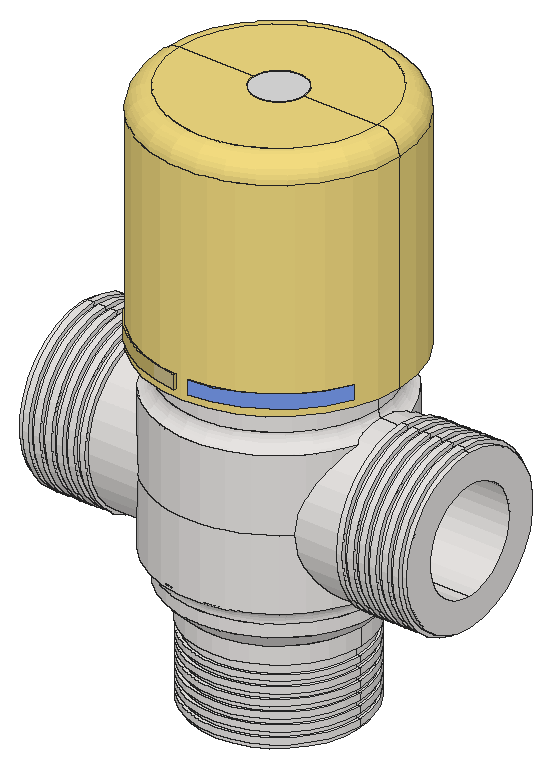
Revit family "1", category Pipe Accessories, Revit 2018
Family settings
  Round Connector Dimension = Use Diameter
  Part Type = Normal
  OmniClass Number = 23.65.00.00
  OmniClass Title = Supply and Distribution of Liquids and Gases
  Work Plane-Based = No
  Always vertical = No
  Cut with Voids When Loaded = No
  Shared = No
Parameters (values of type "3/4" - Male thermostatic mixing valve for solar applications")
  Youtube clip = ""
  Weight Net (Kg) = "0"  # constant formula
  Uniformat II Description = "HVAC"  # constant formula
  Uniformat II Code = "D30"  # constant formula
  Uniclass 2015 Name = "Water filters and strainres"  # constant formula
  Uniclass 2015 Code = "Pr_65_57_96"  # constant formula
  Uniclass 2.0 Description = "Thermostatic Mixing Valves"  # constant formula
  Uniclass 2.0 Code = "PR-94-94-xx"  # constant formula
  Uniclass 1.4 Description = "Mixing valves"  # constant formula
  Uniclass 1.4 Code = "L71177"  # constant formula
  URL = "www.pintossi.it"
  UNSPSC Code = "401416"  # constant formula
  Technical description = ""
  Region South America = "All"  # constant formula
  Region Oceania = "All"  # constant formula
  Region North America = "All"  # constant formula
  Region Middle East = "All"  # constant formula
  Region Europe = "All"  # constant formula
  Region Asia = "All"  # constant formula
  Region Antarctica = "All"  # constant formula
  Region Africa = "All"  # constant formula
  Radius [instance] = [Main Inlet/Outlet Diameter] / 2  # 9.55 mm
  QR code = ""
  Product url = ""
  Product group = "THERMOSTATIC MIXING VALVES"  # constant formula
  Product family = "COMPONENTS FOR CENTRAL HEATING SYSTEMS"  # constant formula
  Product data url = "https://www.bimobject.com/pintossi/product/1561-solar-thermostatic-mixing-valve"
  Product certification = ""
  Product SKU = "1561-SOLAR-THERMOSTATIC-MIXING-VALVE"
  Product Guid = "9c0c1833-9f53-46b7-a094-18835833f6c7"  # constant formula
  PH: = "Between 7 and 8Between 7 and 8"  # constant formula
  OmniClass Description = "Mixing Valves"  # constant formula
  OmniClass Code = "23-27 31 29"  # constant formula
  NBS Reference Description = "Thermostatic Mixinh Valves"  # constant formula
  NBS Reference Code = "94-94-xx"  # constant formula
  Model = "3/4\" - Male thermostatic mixing valve for solar applications"
  Mixed water range = "27 °C - 55 °C"  # constant formula
  Min cold inlet water temp = 4 °C  # constant formula
  Maximum working temperature = 100 °C  # constant formula
  Maximum working pressure = 10.0 bar  # constant formula
  Maximum percentage of glycol [%] = 30  # constant formula
  Max hot inlet water temp = 100 °C  # constant formula
  Material secondary = ""
  Material main = "Brass"  # constant formula
  Material Red = Pintossi - Plastic - Red ABS
  Material Cap = Pintossi - Plastic - Yellow ABS
  Material Body = Pintossi - Metal - Brass
  Material Blue = Pintossi - Plastic - Blue ABS
  Masterformat 2014 Description = "Heating, Ventilating, and Air Conditioning (HVAC)"  # constant formula
  Masterformat 2014 Code = "23 00 00"  # constant formula
  Manufacturer name = "Pintossi+C"  # constant formula
  Manufacturer country = "Italy"  # constant formula
  Manufacturer = "Pintossi+C"  # constant formula
  Main Inlet/Outlet Diameter = 19.1 mm
  Iron (FE): = "< 0,5 mg/kg (< 0,1 mg/kg for steam)"  # constant formula
  Installation instructions = ""
  IFC Classification = "Valve"  # constant formula
  Fluid aspect: = "Limpid"  # constant formula
  Edition number = 0
  EAN code = ""
  Design country = "Italy"  # constant formula
  Description = "Pintossi+C Solar thermostatic mixing valve is designed for use in domestic water as well as heating systems.\r\n\r\nThe main function is to maintain constant, to a set value, the mixed water temperature, regardless of any variation of temperature and pressure of hot and cold water supply.\r\n\r\nAn anti-burn function is provided by the valve, stopping the hot mixed water delivery in case of unexpeted interruption of the inlet cold water supply, avoiding potentials burns. Thanks to this and anti-burining function the valve is particular indicated in public buildings like schools and hospitals for the presence of individuals at risk.\r\n\r\nThanks to high water temperatures allowed, the valve is suitable to be used in solar systems or in standard systems where the hot inlet water can reach high termperatures."  # constant formula
  Date of publishing = ""
  Copper (CU): = "< 0,1 mg/kg (< 0,05 mg/kg for steam)"  # constant formula
  Conditioning: = "as indicated by the producer"  # constant formula
  COBIe Type Category = ""
  Brand url = "www.pintossi.it"
  BIMobject category = "Plumbing Valves"  # constant formula
  Application fluids = "Water or glycol solutions"  # constant formula
  Antifreeze: = "Passiveted Propylene Glycol"  # constant formula
Reference planes
  plane 1 "Center (Front/Back)": y = 0
  plane 2: z = 0
  plane 3 "Center (Left/Right)": x = 0
Forms (mm)
  Extrusion 1, solid, material "Pintossi - Metal - Brass" <- "Material Body", detail levels fine
    sketch origin (0, 0, 0) x (1, 0, 0) y (0, 1, 0)
      loop
        circle (0, 0) r 9.55
      loop
        circle (0, 0) r 15
    from 0 to 14.719
  Revolve 2, solid, material "Pintossi - Metal - Brass" <- "Material Body", detail levels fine
    sketch origin (0, 0, 0) x (1, 0, 0) y (0, 0, 1)
      loop
        line (0, 14.719) -> (0, 100.374) -> (-4.026, 100.374) -> (-4.026, 90.374) -> (-3.379, 89.727) -> (-3.379, 86.681) -> (-4.626, 86.681)
        arc (-4.626, 86.681) -> (-5.557, 86.295) -> (-5.943, 85.364) r 1.317
        line (-5.943, 85.364) -> (-5.943, 83.834)
        arc (-5.943, 83.834) -> (-7.956, 83.453) -> (-9.55, 82.165) r 4.199
        line (-9.55, 82.165) -> (-9.55, 76.027) -> (-11.469, 74.108) -> (-11.469, 65.371) -> (-19.067, 65.371) -> (-19.067, 56.415)
        arc (-19.067, 56.415) -> (-19.662, 54.624) -> (-21.211, 53.546) r 2.991
        line (-21.211, 53.546) -> (-21.211, 40) -> (-21.211, 26.454)
        arc (-21.211, 26.454) -> (-19.662, 25.376) -> (-19.067, 23.585) r 2.991
        line (-19.067, 23.585) -> (-19.067, 21.281) -> (-15.794, 18.007) -> (-15.794, 14.719) -> (0, 14.719)
      axis (0, 100.374) -> (0, 14.719)
    angle from 0 to 360
  Extrusion 3, solid, material "Pintossi - Metal - Brass" <- "Material Body", detail levels fine
    sketch origin (35.194, 0, 40) x (0, 0, 1) y (0, 1, 0)
      loop
        circle (0, 0) r 9.55
      loop
        circle (0, 0) r 15
    from -1.306 to 30.564
  Extrusion 4, solid, material "Pintossi - Metal - Brass" <- "Material Body", detail levels fine
    sketch origin (-35.194, 0, 40) x (0, 0, 1) y (0, -1, 0)
      loop
        circle (0, 0) r 9.55
      loop
        circle (0, 0) r 15
    from -2.309 to 30.564
  Revolve 5, solid, material "Pintossi - Metal - Brass" <- "Material Body", detail levels fine
    sketch origin (3.682, 0, 0) x (1, 0, 0) y (0, 0, 1)
      loop
        line (-41.185, 54.003) -> (-27.232, 54.003) -> (-27.232, 54.79) -> (-28.212, 54.79) -> (-28.212, 55.624) -> (-29.303, 55.624) -> (-29.303, 54.79) -> (-30.283, 54.79) -> (-30.283, 55.624) -> (-31.479, 55.624) -> (-31.479, 54.79) -> (-32.458, 54.79) -> (-32.458, 55.624) -> (-33.655, 55.624) -> (-33.655, 54.79) -> (-34.634, 54.79) -> (-34.634, 55.624) -> (-35.83, 55.624) -> (-35.83, 54.79) -> (-36.81, 54.79) -> (-36.81, 55.624) -> (-38.006, 55.624) -> (-38.006, 54.79) -> (-38.986, 54.79) -> (-38.986, 55.624) -> (-40.182, 55.624) -> (-40.182, 54.79) -> (-41.185, 54.79) -> (-41.185, 54.003)
      axis (-41.185, 40) -> (-27.232, 40)
    angle from 0 to 360
  Revolve 6, solid, material "Pintossi - Metal - Brass" <- "Material Body", detail levels fine
    sketch origin (-4.685, 0, 0) x (-1, 0, 0) y (0, 0, 1)
      loop
        line (-41.185, 54.003) -> (-27.232, 54.003) -> (-27.232, 54.79) -> (-28.212, 54.79) -> (-28.212, 55.624) -> (-29.303, 55.624) -> (-29.303, 54.79) -> (-30.283, 54.79) -> (-30.283, 55.624) -> (-31.479, 55.624) -> (-31.479, 54.79) -> (-32.458, 54.79) -> (-32.458, 55.624) -> (-33.655, 55.624) -> (-33.655, 54.79) -> (-34.634, 54.79) -> (-34.634, 55.624) -> (-35.83, 55.624) -> (-35.83, 54.79) -> (-36.81, 54.79) -> (-36.81, 55.624) -> (-38.006, 55.624) -> (-38.006, 54.79) -> (-38.986, 54.79) -> (-38.986, 55.624) -> (-40.182, 55.624) -> (-40.182, 54.79) -> (-41.185, 54.79) -> (-41.185, 54.003)
      axis (-41.185, 40) -> (-27.232, 40)
    angle from 0 to 360
  Revolve 7, solid, material "Pintossi - Metal - Brass" <- "Material Body", detail levels fine
    sketch origin (-40, 0, 41.185) x (0, 0, 1) y (-1, 0, 0)
      loop
        line (-41.185, -54.003) -> (-41.185, -54.79) -> (-40.182, -54.79) -> (-40.182, -55.624) -> (-38.986, -55.624) -> (-38.986, -54.79) -> (-38.006, -54.79) -> (-38.006, -55.624) -> (-36.81, -55.624) -> (-36.81, -54.79) -> (-35.83, -54.79) -> (-35.83, -55.624) -> (-34.634, -55.624) -> (-34.634, -54.79) -> (-33.655, -54.79) -> (-33.655, -55.624) -> (-32.458, -55.624) -> (-32.458, -54.79) -> (-31.479, -54.79) -> (-31.479, -55.624) -> (-30.283, -55.624) -> (-30.283, -54.79) -> (-29.303, -54.79) -> (-29.303, -55.624) -> (-28.212, -55.624) -> (-28.212, -54.79) -> (-27.232, -54.79) -> (-27.232, -54.003) -> (-41.185, -54.003)
      axis (-41.185, -40) -> (-27.232, -40)
    angle from 0 to 360
  Revolve 8, solid, material "Pintossi - Plastic - Yellow ABS" <- "Material Cap", detail levels fine
    sketch origin (0, 0, 0) x (1, 0, 0) y (0, 0, 1)
      loop
        line (-23.095, 61.404) -> (-19.449, 61.404) -> (-19.449, 98.918)
        arc (-19.449, 98.918) -> (-18.319, 101.644) -> (-15.593, 102.774) r 3.856
        line (-15.593, 102.774) -> (-10.258, 102.774) -> (-10.258, 87.774) -> (-4.026, 87.774) -> (-4.026, 100.374) -> (-1.986, 100.374) -> (-1.986, 103.083) -> (-4.796, 103.083) -> (-4.796, 105.043) -> (-19.016, 105.043)
        arc (-19.016, 105.043) -> (-21.901, 103.848) -> (-23.095, 100.964) r 4.079
        line (-23.095, 100.964) -> (-23.095, 61.404)
      axis (0, 105.043) -> (0, 61.404)
    angle from 0 to 360
  Extrusion 9, solid, material "Pintossi - Metal -Stainless Steel", detail levels fine
    sketch origin (0, 0, 0) x (1, 0, 0) y (0, 1, 0)
      loop
        circle (0, 0) r 4.796
    from 102.774 to 105.043
  Extrusion 10, solid, material "Pintossi - Plastic - Red ABS" <- "Material Red", detail levels fine
    sketch origin (0, -0.156, 0) x (1, 0, 0) y (0, 1, 0)
      loop
        arc (-1.22, -21.344) -> (-12.721, -17.557) -> (-20.726, -8.471) r 23.095
        line (-20.726, -8.471) -> (-21.555, -8.815)
        arc (-21.555, -8.815) -> (-13.509, -18.912) -> (-1.324, -23.182) r 23.326
        line (-1.324, -23.182) -> (-1.22, -21.344)
    from 62.824 to 65.371
  Extrusion 11, solid, material "Pintossi - Plastic - Blue ABS" <- "Material Blue", detail levels fine
    sketch origin (0, -0.156, 0) x (-1, 0, 0) y (0, -1, 0)
      loop
        line (-1.22, 21.344) -> (-1.324, 23.182)
        arc (-1.324, 23.182) -> (-13.509, 18.912) -> (-21.555, 8.815) r 23.326
        line (-21.555, 8.815) -> (-20.726, 8.471)
        arc (-20.726, 8.471) -> (-12.721, 17.557) -> (-1.22, 21.344) r 23.095
    from 62.824 to 65.371
Cuts and joins
  joined: Revolve 2, Extrusion 3, Extrusion 4, Revolve 5, Revolve 6, Revolve 7
Lines and regions (mm)
  model lines, detail levels coarse+medium
    curve 1: line (-37.5, 0, 40) -> (36.562, 0, 40)
    curve 2: line (0, 0, 40) -> (-17.809, 0, 0)
    curve 3: line (-17.809, 0, 0) -> (0, 0, 0)
    curve 4: line (0, 0, 40) -> (17.809, 0, 0)
    curve 5: line (17.809, 0, 0) -> (0, 0, 0)
    curve 6: line (0, 0, 40) -> (-37.5, 0, 23.304)
    curve 7: line (-37.5, 0, 23.304) -> (-37.5, 0, 40)
    curve 8: line (0, 0, 40) -> (-37.5, 0, 56.696)
    curve 9: line (-37.5, 0, 56.696) -> (-37.5, 0, 40)
    curve 10: line (0, 0, 40) -> (36.562, 0, 23.721)
    curve 11: line (36.562, 0, 23.721) -> (36.562, 0, 40)
    curve 12: line (0, 0, 40) -> (36.562, 0, 56.279)
    curve 13: line (36.562, 0, 56.279) -> (36.562, 0, 40)
    curve 14: line (0, 0, 40) -> (0, 0, 60)
    curve 15: line (0, 0, 60) -> (-18.435, 0, 60)
    curve 16: line (-18.435, 0, 60) -> (-18.435, 0, 105)
    curve 17: line (-18.435, 0, 105) -> (-0.269, 0, 105)
    curve 18: line (0, 0, 60) -> (18.435, 0, 60)
    curve 19: line (18.435, 0, 60) -> (18.435, 0, 105)
    curve 20: line (18.435, 0, 105) -> (-0.269, 0, 105)
  symbolic lines
    curve 21: line (0, 0.603, 0) -> (-14.504, -31.974, 0)
    curve 22: line (-14.504, -31.974, 0) -> (0, -31.974, 0)
    curve 23: line (0, 0.603, 0) -> (14.504, -31.974, 0)
    curve 24: line (14.504, -31.974, 0) -> (0, -31.974, 0)
    curve 25: line (0, 0, 0) -> (-32.578, 14.504, 0)
    curve 26: line (-32.578, 14.504, 0) -> (-32.578, 0, 0)
    curve 27: line (0, 0, 0) -> (-32.578, -14.504, 0)
    curve 28: line (-32.578, -14.504, 0) -> (-32.578, 0, 0)
    curve 29: line (0, 0, 0) -> (32.578, 14.504, 0)
    curve 30: line (32.578, 14.504, 0) -> (32.578, 0, 0)
    curve 31: line (0, 0, 0) -> (32.578, -14.504, 0)
    curve 32: line (32.578, -14.504, 0) -> (32.578, 0, 0)
    curve 33: line (-32.578, 0, 0) -> (-41.185, 0, 0)
    curve 34: line (32.578, 0, 0) -> (41.185, 0, 0)
    curve 35: line (0, 0.603, 0) -> (0, 14.003, 0)
    curve 36: line (0, 14.003, 0) -> (-17.123, 14.003, 0)
    curve 37: line (-17.123, 14.003, 0) -> (-17.123, 32.534, 0)
    curve 38: line (-17.123, 32.534, 0) -> (0, 32.534, 0)
    curve 39: line (0, 14.003, 0) -> (17.123, 14.003, 0)
    curve 40: line (17.123, 14.003, 0) -> (17.123, 32.534, 0)
    curve 41: line (17.123, 32.534, 0) -> (0, 32.534, 0)
Dimensions and locks
  "Radius": radius of Extrusion 1 sketch curve
  "Radius": radius of Extrusion 3 sketch curve
  "Radius": radius of Extrusion 4 sketch curve
  aligned and locked: level to plane 2
Automatic sketch dimensions
  Revolve 2 sketch curve to plane 3 "Center (Left/Right)" = 0 mm  (x2)
  Revolve 2 sketch curve to plane 3 "Center (Left/Right)" = 3.379 mm
  Revolve 2 sketch curve to Revolve 2 sketch curve = 0.647 mm  (x2)
  Revolve 2 sketch curve to Revolve 2 sketch curve = 1.246 mm
  Revolve 2 sketch curve to Revolve 2 sketch curve = 1.317 mm
  Revolve 2 sketch curve to Revolve 2 sketch curve = 0.251 mm
  Revolve 2 sketch curve to Revolve 2 sketch curve = 3.607 mm
  Revolve 2 sketch curve to Revolve 2 sketch curve = 1.919 mm  (x2)
  Revolve 2 sketch curve to plane 3 "Center (Left/Right)" = 15.794 mm
  Revolve 2 sketch curve to Revolve 2 sketch curve = 3.273 mm  (x2)
  Revolve 2 sketch curve to Revolve 2 sketch curve = 7.598 mm
  Revolve 2 sketch curve to Revolve 2 sketch curve = 2.144 mm
  Revolve 2 sketch curve to Revolve 2 sketch curve = 2.991 mm
  Revolve 2 sketch curve to Revolve 2 sketch curve = 0.847 mm
  level to Revolve 2 sketch curve = 14.719 mm
  Revolve 2 sketch curve to Revolve 2 sketch curve = 3.289 mm
  Revolve 2 sketch curve to Revolve 2 sketch curve = 2.305 mm
  Revolve 2 sketch curve to Revolve 2 sketch curve = 13.546 mm  (x2)
  Revolve 2 sketch curve to Revolve 2 sketch curve = 8.956 mm
  Revolve 2 sketch curve to Revolve 2 sketch curve = 8.738 mm
  Revolve 2 sketch curve to Revolve 2 sketch curve = 3.614 mm
  Revolve 2 sketch curve to Revolve 2 sketch curve = 2.524 mm
  Revolve 2 sketch curve to Revolve 2 sketch curve = 1.53 mm
  Revolve 2 sketch curve to Revolve 2 sketch curve = 3.046 mm
  Revolve 2 sketch curve to Revolve 2 sketch curve = 10 mm
  Revolve 2 sketch curve to level = 44.626 mm
  Revolve 2 sketch curve to Revolve 2 sketch curve = 20 mm
  Revolve 5 sketch curve to plane 3 "Center (Left/Right)" = 37.503 mm
  Revolve 5 sketch curve to Revolve 5 sketch curve = 1.003 mm
  Revolve 5 sketch curve to Revolve 5 sketch curve = 1.196 mm  (x5)
  Revolve 5 sketch curve to Revolve 5 sketch curve = 0.98 mm  (x6)
  Revolve 5 sketch curve to Revolve 5 sketch curve = 1.091 mm
  level to Revolve 5 sketch curve = 54.003 mm
  Revolve 5 sketch curve to Revolve 5 sketch curve = 0.787 mm  (x2)
  Revolve 5 sketch curve to Revolve 5 sketch curve = 0 mm  (x6)
  Revolve 5 sketch curve to Revolve 5 sketch curve = 0.835 mm  (x6)
  Revolve 5 sketch curve to plane 3 "Center (Left/Right)" = 4.123 mm
  Revolve 5 sketch curve to Revolve 5 sketch curve = 14.003 mm
  Revolve 6 sketch curve to plane 3 "Center (Left/Right)" = 36.5 mm
  Revolve 6 sketch curve to Revolve 6 sketch curve = 1.003 mm
  Revolve 6 sketch curve to Revolve 6 sketch curve = 1.196 mm  (x5)
  Revolve 6 sketch curve to Revolve 6 sketch curve = 0.98 mm  (x6)
  Revolve 6 sketch curve to Revolve 6 sketch curve = 1.091 mm
  Revolve 6 sketch curve to level = 54.003 mm
  Revolve 6 sketch curve to Revolve 6 sketch curve = 0.787 mm  (x2)
  Revolve 6 sketch curve to Revolve 6 sketch curve = 0 mm  (x6)
  Revolve 6 sketch curve to Revolve 6 sketch curve = 0.835 mm  (x6)
  Revolve 6 sketch curve to plane 3 "Center (Left/Right)" = 3.12 mm
  Revolve 6 sketch curve to Revolve 6 sketch curve = 14.003 mm
  Revolve 7 sketch curve to level = 0 mm  (x2)
  Revolve 7 sketch curve to plane 3 "Center (Left/Right)" = 0 mm
  Revolve 7 sketch curve to Revolve 7 sketch curve = 1.003 mm
  Revolve 7 sketch curve to Revolve 7 sketch curve = 1.196 mm  (x5)
  Revolve 7 sketch curve to Revolve 7 sketch curve = 0.98 mm  (x6)
  Revolve 7 sketch curve to Revolve 7 sketch curve = 1.091 mm
  plane 3 "Center (Left/Right)" to Revolve 7 sketch curve = 14.003 mm
  Revolve 7 sketch curve to Revolve 7 sketch curve = 0.787 mm  (x3)
  Revolve 7 sketch curve to Revolve 7 sketch curve = 0 mm  (x4)
  Revolve 7 sketch curve to Revolve 7 sketch curve = 0.835 mm  (x6)
  Revolve 7 sketch curve to Revolve 7 sketch curve = 19.427 mm
  Revolve 8 sketch curve to plane 3 "Center (Left/Right)" = 0 mm
  Revolve 8 sketch curve to plane 3 "Center (Left/Right)" = 1.986 mm
  Revolve 8 sketch curve to plane 3 "Center (Left/Right)" = 4.026 mm
  Revolve 8 sketch curve to Revolve 8 sketch curve = 2.81 mm
  Revolve 8 sketch curve to Revolve 8 sketch curve = 6.232 mm
  Revolve 8 sketch curve to Revolve 8 sketch curve = 5.335 mm
  Revolve 8 sketch curve to Revolve 8 sketch curve = 3.423 mm
  Revolve 8 sketch curve to plane 3 "Center (Left/Right)" = 19.449 mm
  Revolve 8 sketch curve to Revolve 8 sketch curve = 3.647 mm
  level to Revolve 8 sketch curve = 61.404 mm
  Revolve 8 sketch curve to Revolve 8 sketch curve = 26.37 mm
  Revolve 8 sketch curve to Revolve 8 sketch curve = 11.144 mm
  Revolve 8 sketch curve to Revolve 8 sketch curve = 2.4 mm
  Revolve 8 sketch curve to Revolve 8 sketch curve = 2.046 mm
  Revolve 8 sketch curve to Revolve 8 sketch curve = 1.961 mm
  Revolve 8 sketch curve to Revolve 8 sketch curve = 0.762 mm
  Revolve 8 sketch curve to Revolve 8 sketch curve = 4.302 mm
  Extrusion 9 sketch curve to Extrusion 9 sketch curve = 0 mm  (x2)
  plane 1 "Center (Front/Back)" to Extrusion 9 sketch curve = 0 mm
  Extrusion 9 sketch curve to plane 3 "Center (Left/Right)" = 0 mm
  Extrusion 9 sketch curve to plane 3 "Center (Left/Right)" = 4.796 mm
  Extrusion 10 sketch curve to plane 3 "Center (Left/Right)" = 0 mm
  Extrusion 10 sketch curve to plane 3 "Center (Left/Right)" = 0.002 mm
  Extrusion 10 sketch curve to plane 3 "Center (Left/Right)" = 1.22 mm
  Extrusion 10 sketch curve to plane 3 "Center (Left/Right)" = 1.324 mm
  plane 1 "Center (Front/Back)" to Extrusion 10 sketch curve = 8.627 mm
  Extrusion 10 sketch curve to plane 3 "Center (Left/Right)" = 20.726 mm
  plane 1 "Center (Front/Back)" to Extrusion 10 sketch curve = 8.971 mm
  Extrusion 10 sketch curve to Extrusion 10 sketch curve = 0.829 mm
  plane 1 "Center (Front/Back)" to Extrusion 10 sketch curve = 21.501 mm
  Extrusion 10 sketch curve to Extrusion 10 sketch curve = 1.838 mm
  Extrusion 11 sketch curve to plane 3 "Center (Left/Right)" = 0 mm
  Extrusion 11 sketch curve to plane 3 "Center (Left/Right)" = 0.002 mm
  Extrusion 11 sketch curve to plane 3 "Center (Left/Right)" = 1.22 mm
  Extrusion 11 sketch curve to plane 3 "Center (Left/Right)" = 1.324 mm
  Extrusion 11 sketch curve to plane 1 "Center (Front/Back)" = 8.627 mm
  Extrusion 11 sketch curve to plane 3 "Center (Left/Right)" = 20.726 mm
  Extrusion 11 sketch curve to plane 1 "Center (Front/Back)" = 8.971 mm
  Extrusion 11 sketch curve to Extrusion 11 sketch curve = 0.829 mm
  Extrusion 11 sketch curve to plane 1 "Center (Front/Back)" = 21.501 mm
  Extrusion 11 sketch curve to Extrusion 11 sketch curve = 1.838 mm
  plane 1 "Center (Front/Back)" to curve 33 = 0 mm
  curve 22 to plane 3 "Center (Left/Right)" = 0 mm
  curve 23 to plane 3 "Center (Left/Right)" = 0 mm
  plane 1 "Center (Front/Back)" to curve 27 = 0 mm
  curve 27 to plane 3 "Center (Left/Right)" = 0 mm
  curve 38 to plane 3 "Center (Left/Right)" = 0 mm
  plane 1 "Center (Front/Back)" to curve 30 = 0 mm
  curve 22 to plane 3 "Center (Left/Right)" = 14.504 mm
  curve 38 to plane 3 "Center (Left/Right)" = 17.123 mm
  curve 25 to plane 1 "Center (Front/Back)" = 14.504 mm
  curve 25 to curve 36 = 15.454 mm
  plane 3 "Center (Left/Right)" to curve 23 = 14.504 mm
  plane 3 "Center (Left/Right)" to curve 39 = 17.123 mm
  plane 1 "Center (Front/Back)" to curve 31 = 14.504 mm
  curve 23 to curve 31 = 18.073 mm
  curve 27 to curve 26 = 14.504 mm
  plane 1 "Center (Front/Back)" to curve 24 = 31.974 mm
  curve 25 to curve 23 = 0.603 mm
  curve 37 to plane 1 "Center (Front/Back)" = 14.003 mm
  curve 30 to plane 1 "Center (Front/Back)" = 14.504 mm
  curve 35 to curve 38 = 18.531 mm
  curve 33 to curve 26 = 8.607 mm
  curve 30 to curve 34 = 8.607 mm
  curve 3 to level = 0 mm
  curve 4 to plane 3 "Center (Left/Right)" = 0 mm
  curve 2 to plane 3 "Center (Left/Right)" = 0 mm
  curve 8 to plane 3 "Center (Left/Right)" = 0 mm
  curve 18 to plane 3 "Center (Left/Right)" = 0 mm
  curve 3 to plane 3 "Center (Left/Right)" = 0 mm
  curve 6 to plane 3 "Center (Left/Right)" = 0 mm
  curve 10 to plane 3 "Center (Left/Right)" = 0 mm
  curve 17 to plane 3 "Center (Left/Right)" = 0.269 mm
  curve 2 to plane 3 "Center (Left/Right)" = 17.809 mm
  curve 15 to plane 3 "Center (Left/Right)" = 18.435 mm
  curve 6 to curve 2 = 19.691 mm
  plane 3 "Center (Left/Right)" to curve 4 = 17.809 mm
  plane 3 "Center (Left/Right)" to curve 20 = 18.435 mm
  curve 18 to curve 11 = 18.128 mm
  level to curve 10 = 23.721 mm
  level to curve 7 = 23.304 mm
  curve 1 to curve 8 = 16.696 mm
  curve 1 to curve 12 = 16.279 mm
  curve 12 to curve 18 = 3.721 mm
  curve 14 to curve 20 = 45 mm
  curve 6 to curve 7 = 16.696 mm
  Extrusion 1 sketch curve to Extrusion 1 sketch curve = 0 mm  (x2)
  plane 1 "Center (Front/Back)" to Extrusion 1 sketch curve = 0 mm
  Extrusion 1 sketch curve to plane 3 "Center (Left/Right)" = 0 mm
  Extrusion 3 sketch curve to Extrusion 3 sketch curve = 0 mm  (x2)
  Extrusion 3 sketch curve to plane 1 "Center (Front/Back)" = 0 mm
  level to Extrusion 3 sketch curve = 40 mm
  Extrusion 4 sketch curve to Extrusion 4 sketch curve = 0 mm  (x2)
  Extrusion 4 sketch curve to plane 1 "Center (Front/Back)" = 0 mm
  level to Extrusion 4 sketch curve = 40 mm
  radius of Extrusion 1 sketch curve = 15 mm
  radius of Extrusion 3 sketch curve = 15 mm
  radius of Extrusion 4 sketch curve = 15 mm
Connectors
  piping at (36.5, 0, 40), diameter 19.1, driven by "Main Inlet/Outlet Diameter"
    settings: on cut or joined group of Revolve 2, Extrusion 3, Extrusion 4, Revolve 5, Revolve 6, Revolve 7, index 1, connector inside diameter 609.6 mm, connector length 0 mm, flow factor 0, pipe flow 0.0 L/s, pressure drop 0.0 bar, fitting loss kfactor 0, connector angle 0.00°, fixture units 0, engagement length 0 mm, angle of deflection 0.00°, flow configuration 0, flow direction 0, fitting loss method 0, system type 29, joint type 0, gender type 0, connector reference index -1, connector utility 0, adjustable connector no, is connector primary yes, connector description ""
  piping at (-37.503, 0, 40), diameter 19.1, driven by "Main Inlet/Outlet Diameter"
    settings: on cut or joined group of Revolve 2, Extrusion 3, Extrusion 4, Revolve 5, Revolve 6, Revolve 7, index 2, connector inside diameter 609.6 mm, connector length 0 mm, flow factor 0, pipe flow 0.0 L/s, pressure drop 0.0 bar, fitting loss kfactor 0, connector angle 0.00°, fixture units 0, engagement length 0 mm, angle of deflection 0.00°, flow configuration 0, flow direction 0, fitting loss method 0, system type 29, joint type 0, gender type 0, connector reference index -1, connector utility 0, adjustable connector no, is connector primary no, connector description ""
  piping at (0, 0, 0), diameter 19.1, driven by "Main Inlet/Outlet Diameter"
    settings: on Extrusion 1, index 3, connector inside diameter 609.6 mm, connector length 0 mm, flow factor 0, pipe flow 0.0 L/s, pressure drop 0.0 bar, fitting loss kfactor 0, connector angle 0.00°, fixture units 0, engagement length 0 mm, angle of deflection 0.00°, flow configuration 0, flow direction 0, fitting loss method 0, system type 29, joint type 0, gender type 0, connector reference index -1, connector utility 0, adjustable connector no, is connector primary no, connector description ""
